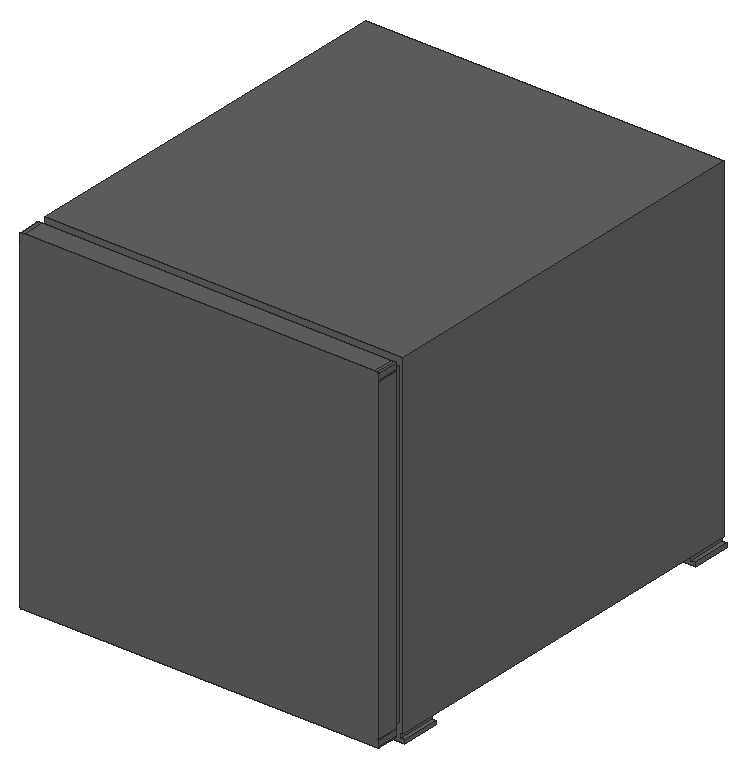
Revit family "DMBR0001-30L_Revit", category Generic Models, Revit 2017
Family settings
  Can host rebar = No
  Round Connector Dimension = Use Diameter
  Part Type = Normal
  Work Plane-Based = No
  Always vertical = Yes
  Cut with Voids When Loaded = Yes
  Shared = No
  Room Calculation Point = No
Parameters
  m = Dolphy_MATT BLACK
  Website = "https://dolphy.in/"  # constant formula
  Contact number = "+91 9520202035"  # constant formula
  Contact email = "info@dolphy.in"  # constant formula
  Company name = "Dolphy India"  # constant formula
Reference planes
  plane 1 "Center (Front/Back)": y = 0
  plane 2: z = 0
  plane 3 "Center (Left/Right)": x = 0
Forms (mm)
  Extrusion 1, solid, material "Dolphy_MATT BLACK" <- "m"
    sketch origin (-212.67, -385.014, 123.228) x (1, 0, 0) y (0, 0, 1)
      loop
        line (410, -113.228) -> (395, -113.228) -> (395, -118.228) -> (390, -118.228) -> (390, -123.228) -> (415, -123.228) -> (415, -118.228) -> (410, -118.228) -> (410, -113.228)
    from 35 to 80
  Extrusion 2, solid, material "Dolphy_MATT BLACK" <- "m"
    sketch origin (-220, 35, 123.228) x (1, 0, 0) y (0, 0, 1)
      loop
        line (420, 276.772) -> (5, 276.772) -> (5, -113.228) -> (420, -113.228) -> (420, 276.772)
    from 35 to 500
  Extrusion 3, solid, material "Dolphy_MATT BLACK" <- "m"
    sketch origin (-220, -384.919, 122.863) x (1, 0, 0) y (0, 0, -1)
      loop
        line (5, 112.863) -> (20, 112.863) -> (20, 118.228) -> (25, 118.228) -> (25, 122.863) -> (0, 122.863) -> (0, 118.228) -> (5, 118.228) -> (5, 112.863)
    from -80.095 to -35.095
  Extrusion 4, solid, material "Dolphy_MATT BLACK" <- "m"
    sketch origin (-220, -535, 286.772) x (1, 0, 0) y (0, 0, 1)
      loop
        line (10.558, 113.228) -> (6.5, 113.228)
        spline (6.5, 113.228) -> (6.26, 113.217) -> (6.042, 113.186) -> (5.844, 113.134) -> (5.667, 113.061) -> (5.51, 112.967) -> (5.375, 112.853) -> (5.26, 112.717) -> (5.167, 112.561) -> (5.094, 112.384) -> (5.042, 112.186) -> (5.01, 111.967) -> (5, 111.728)
        line (5, 111.728) -> (5, 104.728)
        spline (5, 104.728) -> (5.01, 104.488) -> (5.042, 104.27) -> (5.094, 104.072) -> (5.167, 103.895) -> (5.26, 103.738) -> (5.375, 103.603) -> (5.51, 103.488) -> (5.667, 103.395) -> (5.844, 103.322) -> (6.042, 103.27) -> (6.26, 103.238) -> (6.5, 103.228)
        line (6.5, 103.228) -> (418.5, 103.228)
        spline (418.5, 103.228) -> (418.74, 103.238) -> (418.958, 103.27) -> (419.156, 103.322) -> (419.333, 103.395) -> (419.49, 103.488) -> (419.625, 103.603) -> (419.74, 103.738) -> (419.833, 103.895) -> (419.906, 104.072) -> (419.958, 104.27) -> (419.99, 104.488) -> (420, 104.728)
        line (420, 104.728) -> (420, 111.728)
        spline (420, 111.728) -> (419.99, 111.967) -> (419.958, 112.186) -> (419.906, 112.384) -> (419.833, 112.561) -> (419.74, 112.717) -> (419.625, 112.853) -> (419.49, 112.967) -> (419.333, 113.061) -> (419.156, 113.134) -> (418.958, 113.186) -> (418.74, 113.217) -> (418.5, 113.228)
        line (418.5, 113.228) -> (415.558, 113.228) -> (10.558, 113.228)
    from -60 to -35
  Extrusion 5, solid, material "Dolphy_MATT BLACK" <- "m"
    sketch origin (-220, -535, 286.772) x (1, 0, 0) y (0, 0, 1)
      loop
        line (420, -266.772) -> (420, 103.228) -> (5, 103.228) -> (5, -266.772) -> (420, -266.772)
    from -60 to -35
  Extrusion 6, solid, material "Dolphy_MATT BLACK" <- "m"
    sketch origin (-220, -535, 286.772) x (1, 0, 0) y (0, 0, 1)
      loop
        line (420, -275.272) -> (420, -268.272)
        spline (420, -268.272) -> (419.99, -268.033) -> (419.958, -267.814) -> (419.906, -267.616) -> (419.833, -267.439) -> (419.74, -267.283) -> (419.625, -267.147) -> (419.49, -267.033) -> (419.333, -266.939) -> (419.156, -266.866) -> (418.958, -266.814) -> (418.74, -266.783) -> (418.5, -266.772)
        line (418.5, -266.772) -> (6.5, -266.772)
        spline (6.5, -266.772) -> (6.26, -266.783) -> (6.042, -266.814) -> (5.844, -266.866) -> (5.667, -266.939) -> (5.51, -267.033) -> (5.375, -267.147) -> (5.26, -267.283) -> (5.167, -267.439) -> (5.094, -267.616) -> (5.042, -267.814) -> (5.01, -268.033) -> (5, -268.272)
        line (5, -268.272) -> (5, -275.272)
        spline (5, -275.272) -> (5.01, -275.512) -> (5.042, -275.73) -> (5.094, -275.928) -> (5.167, -276.105) -> (5.26, -276.262) -> (5.375, -276.397) -> (5.51, -276.512) -> (5.667, -276.605) -> (5.844, -276.678) -> (6.042, -276.73) -> (6.26, -276.762) -> (6.5, -276.772)
        line (6.5, -276.772) -> (418.524, -276.772)
        spline (418.524, -276.772) -> (418.76, -276.762) -> (418.975, -276.73) -> (419.17, -276.678) -> (419.344, -276.605) -> (419.498, -276.512) -> (419.631, -276.397) -> (419.744, -276.262) -> (419.836, -276.105) -> (419.908, -275.928) -> (419.959, -275.73) -> (419.99, -275.512) -> (420, -275.272)
    from -60 to -35
  Extrusion 7, solid, material "Dolphy_MATT BLACK" <- "m"
    sketch origin (-220, -535, 286.772) x (1, 0, 0) y (0, 0, 1)
      loop
        line (415, -266.772) -> (415, 103.228) -> (10, 103.228) -> (10, -266.772) -> (415, -266.772)
    from -72.25 to -57.654
  Extrusion 8, solid, material "Dolphy_MATT BLACK" <- "m"
    sketch origin (-220, -80.081, 122.863) x (1, 0, 0) y (0, 0, 1)
      loop
        line (5, -112.863) -> (5, -118.228) -> (0, -118.228) -> (0, -122.863) -> (25, -122.863) -> (25, -118.228) -> (20, -118.228) -> (20, -112.863) -> (5, -112.863)
    from -80.095 to -35.095
  Extrusion 9, solid, material "Dolphy_MATT BLACK" <- "m"
    sketch origin (202.443, -80.081, 122.863) x (-1, 0, 0) y (0, 0, -1)
      loop
        line (5, 112.863) -> (20, 112.863) -> (20, 118.228) -> (25, 118.228) -> (25, 122.863) -> (0, 122.863) -> (0, 118.228) -> (5, 118.228) -> (5, 112.863)
    from -80.095 to -35.095
Cuts and joins
  joined: Extrusion 1, Extrusion 2, Extrusion 3, Extrusion 4, Extrusion 5, Extrusion 6, Extrusion 7, Extrusion 8, Extrusion 9
Dimensions and locks
  Extrusion 2 to level = 400 mm
  Extrusion 4 to Extrusion 1 = 400 mm
  Extrusion 5 to Extrusion 5 = 415 mm
  Extrusion 5 to Extrusion 2 = 500 mm
  aligned and locked: level to plane 2
  aligned and locked: Extrusion 4 to Extrusion 5  (x2)
  aligned and locked: Extrusion 4 to Extrusion 6
